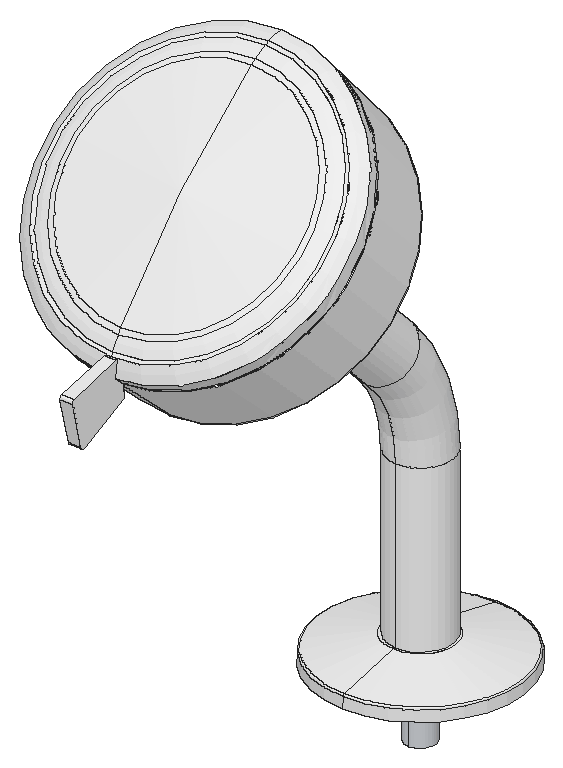
Revit family "Grohe_PlumbingFixture_TempestaCosmopolitan100_HeadShowerSet3Sprays_26090001a", category Plumbing Fixtures, host Face, Revit 2018
Family settings
  Host = Face
  Round Connector Dimension = Use Diameter
  Part Type = Normal
  OmniClass Number = 23.65.00.00
  OmniClass Title = Supply and Distribution of Liquids and Gases
  Cut with Voids When Loaded = No
  Shared = No
  Room Calculation Point = No
Parameters (values of type "26090001")
  _ObjectUserGuide = "www.bimstore.co"
  _DistributedBy = "www.bimstore.co"
  _CurrentRevision = 1
  _CreatedBy = "www.bimstore.co"
  _BimSpecGuid = 0
  _BSBibleVersion = 16
  _AuthorizedBy = "bimstore"
  _Author = "RL"
  WarrantyStartDate [instance] = "Please record on commissioning."
  WarrantyGuarantorParts = "info-uk@grohe.com"
  WarrantyGuarantorLabor = "info-uk@grohe.com"
  WarrantyDurationUnit = "Years"
  WarrantyDurationParts = "0"
  WarrantyDurationLabor = "0"
  WarrantyDescription = "n/a"
  URL = "www.grohe.com"
  TypeName = "TEMPESTA COSMOPOLITAN 100 - HEAD SHOWER SET 3 SPRAYS"
  Type Comments = "HEAD SHOWER SET 3 SPRAYS"
  SpareParts = "info-uk@grohe.com"
  Size = "n/a"
  Shape = "n/a"
  SerialNumber [instance] = "Please record on commissioning."
  ReplacementCost = "n/a"
  ReferencedStandard = "n/a"
  ProductionYear = "2020"
  ProductPageURL = "https://www.grohe.co.uk/en_gb/new-tempesta-cosmopolitan-head-shower-set-3-sprays-26090001.html"
  ProductDocumentationLink = "n/a"
  PercentageOfRecycledContent = "n/a"
  NominalLength = 0 mm
  NominalHeight = 0 mm
  NominalDepth = 0 mm
  NBSReference = "45-35-70/333"
  NBSOfficeMasterTag = "n/a"
  NBSObjectName = "Grohe - Shower heads"
  NBSNote = ""
  NBSDescription = "Shower heads"
  ModelReference = "TEMPESTA COSMOPOLITAN 100 - HEAD SHOWER SET 3 SPRAYS"
  ModelNumber = "26090001"
  Model = "TEMPESTA COSMOPOLITAN 100"
  Material = "n/a"
  MasterformatTitle = "Sanitary Facilities"
  MasterformatNumber = "01 52 19"
  ManufacturerName = "Grohe"
  Manufacturer = "Grohe"
  LowEmittingMaterial = no
  LEEDCredit = "n/a"
  Keynote = "N13"
  InstallationDate [instance] = "Please record on commissioning."
  IndustryStandards = "n/a"
  IfcExportType = "IfcPipeFittingType"
  IfcExportAs = "IfcPipeFitting"
  HotWaterConnectionDiameter = 10 mm
  HWFU = 4.5
  Grade = "n/a"
  Finish = "n/a"
  Features = "GROHE Rain O2, Rain, Massage \r\nBall joint +/- 15° rotatable \r\nshower arm with connection thread 1/2\" \r\nescutcheon \r\nGROHE DreamSpray perfect spray pattern \r\nGROHE StarLight chrome finish \r\nSpeedClean anti-limescale system \r\nInner WaterGuide for a longer life \r\nsuitable for instantaneous heater \r\nmin. recommended pressure 1 bar"
  FaucetMaterial = Grohe-Chrome
  ExpectedLife = 0
  Ecojoy = no
  DurationUnit = "Years"
  DocumentationTechnical = "www.grohe.co.uk/"
  DocumentationMaintenance = "www.grohe.co.uk/"
  DocumentationLiterature = "www.grohe.co.uk/"
  DocumentationInstallationGuide = "www.grohe.co.uk/"
  DocumentationCertificates = "www.grohe.co.uk/"
  Description = "n/a"
  Default Elevation = 0 mm
  CreatedOn = "2020-03-01T09:00:00"
  CreatedBy = "info-uk@grohe.com"
  Cost = 0
  ContactGrohe = "info-uk@grohe.com"
  Constituents = "n/a"
  Color = "Chrome"
  ColdWaterConnectionDiameter = 10 mm
  CodePerformance = "n/a"
  ClassificationValue = "Pr_40_20_87_76"
  ClassificationName = "Uniclass 2015"
  CWFU = 0
  BarCode [instance] = "Please record on commissioning."
  BIMObjectName = "Grohe_PlumbingFixture_TempestaCosmopolitan100_HeadShowerSet3Sprays_26090001"
  AssetType = "Fixed"
  AssetIdentifier [instance] = "Please record on commissioning."
  Assembly Code = "D2010"
  AccessibilityPerformance = "n/a"
  ADACompliant = no
Reference planes
  plane 1 "Center (Front/Back)": y = 0
  plane 2: z = 0
  plane 3 "Center (Left/Right)": x = 0
Forms (mm)
  Revolve 1, solid, material "Grohe-Chrome" <- "FaucetMaterial"
    sketch origin (0, 0, 0) x (0, 1, 0) y (0, 0, 1)
      loop
        line (0, 0) -> (31.5, 0) -> (31.438, 3.54)
        arc (31.438, 3.54) -> (31.302, 3.91) -> (30.966, 4.116) r 0.6
        line (30.966, 4.116) -> (10.917, 8.476) -> (0, 8.476) -> (0, 0)
      axis (0, 8.476) -> (0, 0)
    angle from 0 to 360
  Revolve 2, solid, material "Grohe-Chrome" <- "FaucetMaterial"
    sketch origin (0, 0, 0) x (0, 1, 0) y (0, 0, 1)
      loop
        arc (-27.197, 126.585) -> (-26.903, 126.907) -> (-26.637, 127.253) r 5
        line (-26.637, 127.253) -> (-25.104, 129.443)
        arc (-25.104, 129.443) -> (-24.926, 130.099) -> (-25.21, 130.717) r 1
        line (-25.21, 130.717) -> (-35.959, 141.657)
        arc (-35.959, 141.657) -> (-36.668, 141.956) -> (-37.38, 141.663) r 1
        line (-37.38, 141.663) -> (-40.734, 138.309)
        arc (-40.734, 138.309) -> (-41.441, 138.016) -> (-42.148, 138.309) r 1
        line (-42.148, 138.309) -> (-43.586, 139.746) -> (-43.586, 142.548)
        arc (-43.586, 142.548) -> (-44.41, 145.125) -> (-45.734, 147.483) r 13.4
        line (-45.734, 147.483) -> (-41.318, 151.9)
        arc (-41.318, 151.9) -> (-41.025, 152.598) -> (-41.305, 153.302) r 1
        line (-41.305, 153.302) -> (-50.163, 162.474)
        arc (-50.163, 162.474) -> (-50.443, 163.14) -> (-50.202, 163.821) r 1
        arc (-50.202, 163.821) -> (-42.055, 173.707) -> (-34.338, 183.931) r 300
        arc (-34.338, 183.931) -> (-34.151, 184.571) -> (-34.406, 185.186) r 1
        line (-34.406, 185.186) -> (-53.114, 205.963) -> (-88.154, 170.924) -> (-35.506, 118.276) -> (-27.197, 126.585)
      axis (-35.506, 118.276) -> (-88.154, 170.924)
    angle from 0 to 360
  Revolve 3, solid, material "Grohe-Chrome" <- "FaucetMaterial"
    sketch origin (0, 0, 0) x (0, 1, 0) y (0, 0, 1)
      loop
        arc (-56.711, 209.957) -> (-59.395, 209.711) -> (-62.036, 209.167) r 24.2
        line (-62.036, 209.167) -> (-62.947, 208.256)
        arc (-62.947, 208.256) -> (-65.154, 207.267) -> (-67.234, 206.033) r 21.21
        arc (-67.234, 206.033) -> (-67.947, 205.547) -> (-68.655, 205.051) r 69.893
        arc (-68.655, 205.051) -> (-83.709, 193.387) -> (-97.73, 180.5) r 226.387
        line (-97.73, 180.5) -> (-88.154, 170.924) -> (-53.785, 205.292)
        arc (-53.785, 205.292) -> (-53.492, 205.973) -> (-53.749, 206.668) r 1
        line (-53.749, 206.668) -> (-56.711, 209.957)
      axis (-88.154, 170.924) -> (-97.73, 180.5)
    angle from 0 to 360
  Extrusion 4, solid, material "Grohe-Chrome" <- "FaucetMaterial"
    sketch origin (0, 0, 0) x (0, 1, 0) y (0, 0, 1)
      loop
        line (-122.923, 145.302) -> (-143.848, 140.616)
        arc (-143.848, 140.616) -> (-144.465, 140.162) -> (-144.579, 139.404) r 1
        line (-144.579, 139.404) -> (-141.098, 125.442)
        arc (-141.098, 125.442) -> (-140.566, 124.785) -> (-139.721, 124.77) r 1
        line (-139.721, 124.77) -> (-124.025, 131.759)
        arc (-124.025, 131.759) -> (-123.538, 132.223) -> (-123.456, 132.891) r 1
        line (-123.456, 132.891) -> (-124.09, 135.723) -> (-118.718, 141.096) -> (-122.923, 145.302)
    from -2 to 2
  Sweep 5, solid, material "Grohe-Chrome" <- "FaucetMaterial"
    path origin (0, 0, 0) x (0, 1, 0) y (0, 0, 1)
      loop
        line (-35.352, 118.431) -> (-14.645, 97.724)
        arc (-14.645, 97.724) -> (-3.806, 81.503) -> (0, 62.369) r 50
        line (0, 62.369) -> (0, 8.476)
    profile origin (0, -24.998, 108.077) x (0, 0.707107, 0.707107) y (1, 0, 0)
      loop
        circle (0, 0) r 10
  Sweep 6, solid
    path in 3D
      loop
        line (0, 0, 0) -> (0, 0, -22.649)
    profile origin (0, 0, -11.324) x (0, -1, 0) y (1, 0, 0)
      loop
        circle (0, 0) r 4.75
Cuts and joins
  joined: Revolve 3, Extrusion 4
Lines and regions (mm)
  sketch lines
    curve 1: line (0, 0, 0) -> (0, 0, -22.649)
Dimensions and locks
  aligned and locked: plane 2 to host face
  aligned and locked: level to host face
Connectors
  piping at (0, 0, -22.649), diameter 10, driven by "HWFU"
    settings: on Sweep 6, index 23, connector inside diameter 609.6 mm, connector length 0 mm, flow factor 0, pipe flow 0.0 L/s, pressure drop 0.0 Pa, fitting loss kfactor 0, connector angle 0.00°, fixture units 4.5, engagement length 0 mm, angle of deflection 0.00°, flow configuration 3, flow direction 1, fitting loss method 4, system type 19, joint type 0, gender type 0, connector reference index -1, connector utility 0, adjustable connector no, is connector primary yes, connector description ""
